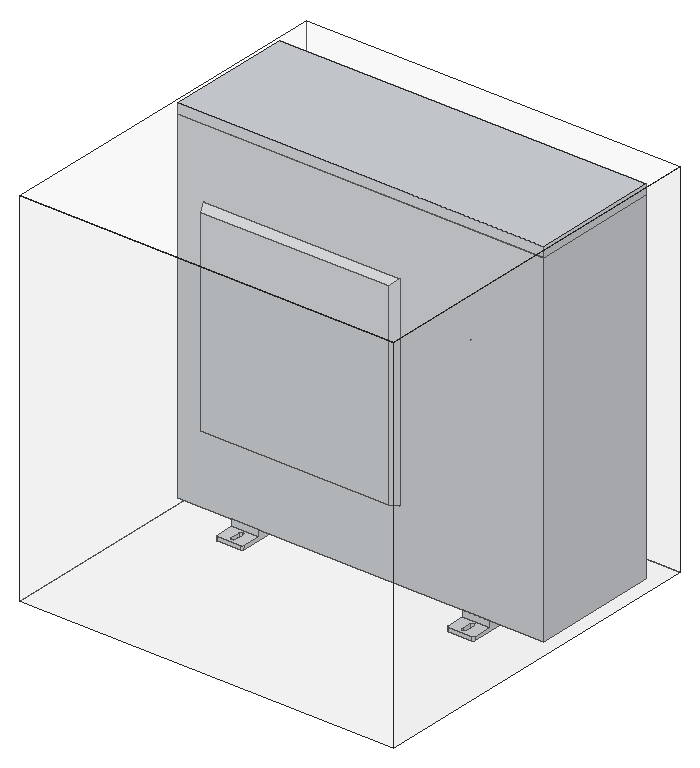
Revit family "puz-zrmp80hka15_280ka5_60hz", category 機械設備, Revit 2019 (continued)
Definition of nested family "PUZ-EZRMP-2"
  Automatic sketch dimensions
    curve 23 to plane 48 = 0 mm
    curve 22 to plane 48 = 0 mm
    curve 21 to plane 48 = 0 mm
    curve 37 to plane 50 = 0 mm
    curve 52 to plane 50 = 0 mm
    curve 51 to plane 50 = 0 mm
    curve 50 to plane 50 = 0 mm
    curve 49 to plane 50 = 0 mm
    curve 48 to plane 50 = 0 mm
    curve 47 to plane 50 = 0 mm
    curve 46 to plane 50 = 0 mm
    curve 45 to plane 50 = 0 mm
    curve 44 to plane 50 = 0 mm
    curve 43 to plane 50 = 0 mm
    curve 42 to plane 50 = 0 mm
    curve 41 to plane 50 = 0 mm
    curve 27 to plane 50 = 0 mm
    curve 28 to plane 50 = 0 mm
    curve 40 to plane 50 = 0 mm
    curve 39 to plane 50 = 0 mm
    curve 29 to plane 50 = 0 mm
    curve 38 to plane 50 = 0 mm
    curve 30 to plane 50 = 0 mm
    curve 53 to plane 50 = 0 mm
    curve 31 to plane 50 = 0 mm
    curve 36 to plane 50 = 0 mm
    curve 32 to plane 50 = 0 mm
    curve 35 to plane 50 = 0 mm
    curve 33 to plane 50 = 0 mm
    curve 34 to plane 50 = 0 mm
    curve 28 to plane 49 = 0 mm
    curve 41 to plane 49 = 0 mm
    curve 27 to plane 49 = 0 mm
    curve 42 to plane 49 = 0 mm
    curve 31 to plane 49 = 0 mm
    curve 40 to plane 49 = 0 mm
    curve 37 to plane 49 = 0 mm
    curve 39 to plane 49 = 0 mm
    curve 32 to plane 49 = 0 mm
    curve 45 to plane 49 = 0 mm
    curve 36 to plane 49 = 0 mm
    curve 46 to plane 49 = 0 mm
    curve 43 to plane 49 = 0 mm
    curve 47 to plane 49 = 0 mm
    curve 29 to plane 49 = 0 mm
    curve 48 to plane 49 = 0 mm
    curve 30 to plane 49 = 0 mm
    curve 49 to plane 49 = 0 mm
    curve 44 to plane 49 = 0 mm
    curve 50 to plane 49 = 0 mm
    curve 33 to plane 49 = 0 mm
    curve 51 to plane 49 = 0 mm
    curve 35 to plane 49 = 0 mm
    curve 52 to plane 49 = 0 mm
    curve 38 to plane 49 = 0 mm
    curve 53 to plane 49 = 0 mm
    curve 34 to plane 49 = 0 mm
    curve 301 to plane 6 = 0 mm
    plane 52 to curve 8 = 0 mm
    plane 7 to curve 303 = 0 mm
    curve 304 to plane 18 = 0 mm
    curve 299 to plane 18 = 0 mm
    plane 8 to curve 297 = 0 mm
    curve 305 to plane 19 = 0 mm
    curve 298 to plane 19 = 0 mm
    curve 296 to plane 43 = 0 mm
    curve 295 to plane 48 = 0 mm
    curve 308 to plane 20 = 0 mm
    curve 291 to plane 21 = 11.98 mm
    curve 309 to plane 21 = 0 mm
    curve 290 to plane 47 = 0 mm
    curve 290 to plane 44 = 0 mm
    curve 288 to plane 5 = 0 mm
    plane 22 to curve 304 = 0 mm
    plane 22 to curve 308 = 0 mm
    plane 23 to curve 293 = 0 mm
    plane 23 to curve 298 = 0 mm
    curve 20 to plane 54 = 9 mm
    plane 66 to curve 316 = 4.5 mm
    curve 11 to plane 30 = 5 mm
    curve 11 to plane 66 = 10.5 mm
    curve 8 to curve 5 = 0 mm
    curve 12 to curve 6 = 0 mm
    curve 303 to plane 59 = 17.452 mm
    plane 15 to curve 297 = 2.486 mm
    curve 287 to plane 21 = 16.899 mm
    plane 47 to curve 297 = 22.809 mm
    plane 47 to curve 2 = 2 mm
    plane 31 to curve 9 = 5 mm
    curve 9 to curve 4 = 0 mm
    curve 16 to plane 47 = 13 mm
    curve 294 to plane 20 = 0 mm
    curve 293 to plane 21 = 0 mm
    plane 40 to curve 294 = 0 mm
    plane 47 to curve 1 = 2 mm
    curve 16 to curve 325 = 15 mm
    Extrusion 9 sketch curve to plane 18 = 0 mm  (x2)
    plane 7 to Extrusion 9 sketch curve = 0 mm
    plane 23 to Extrusion 9 sketch curve = 0 mm
    plane 16 to Extrusion 9 sketch curve = 0 mm  (x3)
    plane 22 to Extrusion 9 sketch curve = 0 mm  (x3)
    Extrusion 9 sketch curve to plane 15 = 0 mm  (x2)
    Extrusion 9 sketch curve to plane 19 = 0 mm  (x2)
    Extrusion 9 sketch curve to plane 14 = 0 mm  (x2)
    plane 8 to Extrusion 9 sketch curve = 0 mm
    plane 82 to Extrusion 9 sketch curve = 3 mm  (x4)
    plane 15 to Extrusion 9 sketch curve = 6 mm  (x2)
    plane 14 to Extrusion 9 sketch curve = 6 mm  (x2)
    Extrusion 9 sketch curve to plane 17 = 10 mm  (x2)
    Extrusion 9 sketch curve to plane 82 = 6 mm  (x2)
    plane 8 to Masking region 1 sketch curve = 0 mm  (x2)
    plane 17 to Masking region 1 sketch curve = 0 mm
    plane 7 to Masking region 1 sketch curve = 0 mm  (x2)
Definition of nested family "固定点"
  Parameters (values of type "固定点")
    中心円 = if(W > 599 mm, 12 mm, 10 mm)  # 12 mm
    W = 1000 mm
    D = 1000 mm
  Reference planes
    plane 1 "中心(正面/背面)": y = 0
    plane 2: z = 0
    plane 3 "中心(左/右)": x = 0
    plane 4: x = 1000
    plane 5: y = 1000
  Lines and regions (mm)
    symbolic lines, detail levels fine
      curve 1: circle (0, 1000, 0) r 6 normal (0, 0, 1)
      curve 2: circle (0, 0, 0) r 6 normal (0, 0, 1)
      curve 3: circle (1000, 1000, 0) r 6 normal (0, 0, 1)
      curve 4: circle (1000, 0, 0) r 6 normal (0, 0, 1)
      curve 5: line (-200, 1000, 0) -> (1200, 1000, 0)
      curve 6: line (-200, 0, 0) -> (1200, 0, 0)
      curve 7: line (0, 1200, 0) -> (0, -200, 0)
      curve 8: line (1000, 1200, 0) -> (1000, -200, 0)
  Dimensions and locks
    "W": plane 3 "中心(左/右)" to plane 4
    "D": plane 1 "中心(正面/背面)" to plane 5
    "中心円": diameter of curve 1
    "中心円": diameter of curve 2
    "中心円": diameter of curve 3
    "中心円": diameter of curve 4
    aligned and locked: level to plane 2
    aligned and locked: plane 5 to curve 1
    aligned and locked: plane 3 "中心(左/右)" to curve 1
    aligned and locked: plane 3 "中心(左/右)" to curve 2
    aligned and locked: plane 1 "中心(正面/背面)" to curve 2
    aligned and locked: plane 4 to curve 3
    aligned and locked: plane 5 to curve 3
    aligned and locked: plane 1 "中心(正面/背面)" to curve 4
    aligned and locked: plane 4 to curve 4
    aligned and locked: plane 1 "中心(正面/背面)" to curve 6
    aligned and locked: curve 7 to plane 3 "中心(左/右)"
    aligned and locked: curve 8 to plane 4
  Automatic sketch dimensions
    curve 5 to plane 5 = 0 mm
    curve 6 to plane 3 "中心(左/右)" = 200 mm
    curve 5 to plane 3 "中心(左/右)" = 200 mm
    curve 4 to curve 6 = 200 mm
    curve 3 to curve 5 = 200 mm
    plane 1 "中心(正面/背面)" to curve 8 = 200 mm
    plane 1 "中心(正面/背面)" to curve 7 = 200 mm
    curve 3 to curve 8 = 200 mm
    curve 1 to curve 7 = 200 mm
Types (21, lengths in mm): name | 音響パワーレベル_冷房 (dB) | 音響パワーレベル_暖房 (dB) | 音響パワーレベル(dB) | 電源位置Z | 電源位置X | 電動機出力_送風機 | 電動機出力_圧縮機 | 質量 | 製品質量 | 相 | 消費電力_暖房 | 消費電力_冷房 | 消費電力 | 構成品番 | 極数 | 最小電線太さ_mm2 | 暖房能力 | 推奨ブレーカー容量 | 形名 | ドレン　位置Y | ドレン　位置X | 冷房能力 | 冷媒管（ガス）位置X | 冷媒管（液）位置X | 冷媒管（ガス）位置Y | 冷媒管径符号 | 冷媒管位置Z | 冷媒管位置Y | 冷媒管位置X | 冷媒液管径 | 冷媒ガス管径 | Width | Height | Clearance Right | Clearance Left | Clearance Front | Clearance Back
  室外機_PUZ-ZRMP80HA15 | 66 | 68 | 68 | 669 | 275 | 0.06 kW | 1.6 kW | 84.00 kg | 70.00 kg | 1 | 2.34 kW | 1.98 kW | 2.34 kW | "PUZ-ZRMP80SHA15-BSG" | 1 | 3.5 | 8 kW | 30 A | PUZ-EZRMP-2 : PUZ-EZRMP-2-2 | 111 | 30 | 7.1 kW | 434 | 377 | 229 | "Bd" | 447 | 259.5 | 405.5 | 9.52 | 15.88 | 950 | 943 | 10 | 10 | 500 | 100
  室外機_PUZ-ZRMP80SHA15 | 66 | 68 | 68 | 669 | 275 | 0.06 kW | 1.6 kW | 84.00 kg | 70.00 kg | 1 | 2.34 kW | 1.98 kW | 2.34 kW | "PUZ-ZRMP80SHA15" | 1 | 3.5 | 8 kW | 30 A | PUZ-EZRMP-2 : PUZ-EZRMP-2-2 | 111 | 30 | 7.1 kW | 434 | 377 | 229 | "Bd" | 447 | 259.5 | 405.5 | 9.52 | 15.88 | 950 | 943 | 10 | 10 | 500 | 100
  室外機_PUZ-ZRMP112KA15 | 68 | 70 | 70 | 1063 | 325 | 0.12 kW | 2.1 kW | 118.80 kg | 99.00 kg | 3 | 2.67 kW | 2.43 kW | 2.67 kW | "PUZ-ZRMP112KA15" | 3 | 5.5 | 11.2 kW | 30 A | PUZ-EZRMP-3 : PUZ-EZRMP3-1 | 176 | 45 | 10 kW | 483 | 423 | 274 | "Bd" | 450 | 282 | 453 | 9.52 | 15.88 | 1050 | 1338 | 15 | 15 | 500 | 150
  室外機_PUZ-ZRMP140KA15 | 68 | 71 | 71 | 1063 | 325 | 0.12 kW | 2.8 kW | 118.80 kg | 99.00 kg | 3 | 3.72 kW | 3.61 kW | 3.72 kW | "PUZ-ZRMP140KA15" | 3 | 5.5 | 14 kW | 30 A | PUZ-EZRMP-3 : PUZ-EZRMP3-1 | 176 | 45 | 12.5 kW | 483 | 423 | 274 | "Bd" | 450 | 282 | 453 | 9.52 | 15.88 | 1050 | 1338 | 15 | 15 | 500 | 150
  室外機_PUZ-ZRMP160KA15 | 70 | 73 | 73 | 1063 | 325 | 0.12 kW | 3.3 kW | 118.80 kg | 99.00 kg | 3 | 4.5 kW | 4.6 kW | 4.6 kW | "PUZ-ZRMP160KA15" | 3 | 5.5 | 16 kW | 30 A | PUZ-EZRMP-3 : PUZ-EZRMP3-1 | 176 | 45 | 14 kW | 483 | 423 | 274 | "Bd" | 450 | 282 | 453 | 9.52 | 15.88 | 1050 | 1338 | 15 | 15 | 500 | 150
  室外機_PUZ-ZRMP224KA5 | 79 | 81 | 81 | 1063 | 325 | 0.3 kW | 4.6 kW | 156.00 kg | 130.00 kg | 3 | 5.66 kW | 6.07 kW | 6.07 kW | "PUZ-ZRMP224KA5" | 3 | 8 | 22.4 kW | 40 A | PUZ-EZRMP-3 : PUZ-EZRMP3-2 | 176 | 45 | 20 kW | 479 | 423 | 276 | "Bg" | 450 | 283 | 451 | 9.52 | 25.40 | 1050 | 1338 | 15 | 15 | 1000 | 150
  室外機_PUZ-ZRMP280KA5 | 79 | 81 | 81 | 1063 | 325 | 0.4 kW | 5.7 kW | 160.80 kg | 134.00 kg | 3 | 8.14 kW | 9.2 kW | 9.2 kW | "PUZ-ZRMP280KA5" | 3 | 14 | 28 kW | 50 A | PUZ-EZRMP-3 : PUZ-EZRMP3-3 | 176 | 45 | 25 kW | 479 | 423 | 276 | "Cg" | 424 | 283 | 451 | 12.70 | 25.40 | 1050 | 1338 | 15 | 15 | 1000 | 150
  室外機_PUZ-ZRMP80SHA15-BS | 66 | 68 | 68 | 669 | 275 | 0.06 kW | 1.6 kW | 84.00 kg | 70.00 kg | 1 | 2.34 kW | 1.98 kW | 2.34 kW | "PUZ-ZRMP80SHA15-BS" | 1 | 3.5 | 8 kW | 30 A | PUZ-EZRMP-2 : PUZ-EZRMP-2-2 | 111 | 30 | 7.1 kW | 434 | 377 | 229 | "Bd" | 447 | 259.5 | 405.5 | 9.52 | 15.88 | 950 | 943 | 10 | 10 | 500 | 100
  室外機_PUZ-ZRMP80SHA15-BSG | 66 | 68 | 68 | 669 | 275 | 0.06 kW | 1.6 kW | 84.00 kg | 70.00 kg | 1 | 2.34 kW | 1.98 kW | 2.34 kW | "PUZ-ZRMP80SHA15-BSG" | 1 | 3.5 | 8 kW | 30 A | PUZ-EZRMP-2 : PUZ-EZRMP-2-2 | 111 | 30 | 7.1 kW | 434 | 377 | 229 | "Bd" | 447 | 259.5 | 405.5 | 9.52 | 15.88 | 950 | 943 | 10 | 10 | 500 | 100
  室外機_PUZ-ZRMP80HA15-BS | 66 | 68 | 68 | 669 | 275 | 0.06 kW | 1.6 kW | 79.20 kg | 66.00 kg | 3 | 2.22 kW | 1.93 kW | 2.22 kW | "PUZ-ZRMP80HA15-BS" | 3 | 3.5 | 8 kW | 20 A | PUZ-EZRMP-2 : PUZ-EZRMP-2-2 | 111 | 30 | 7.1 kW | 434 | 377 | 269 | "Bd" | 447 | 279.5 | 405.5 | 9.52 | 15.88 | 950 | 943 | 10 | 10 | 500 | 100
  室外機_PUZ-ZRMP80HA15-BSG | 66 | 68 | 68 | 669 | 275 | 0.06 kW | 1.6 kW | 79.20 kg | 66.00 kg | 3 | 2.22 kW | 1.93 kW | 2.22 kW | "PUZ-ZRMP80HA15-BSG" | 3 | 3.5 | 8 kW | 20 A | PUZ-EZRMP-2 : PUZ-EZRMP-2-2 | 111 | 30 | 7.1 kW | 434 | 377 | 269 | "Bd" | 447 | 279.5 | 405.5 | 9.52 | 15.88 | 950 | 943 | 10 | 10 | 500 | 100
  室外機_PUZ-ZRMP280KA5-BS | 79 | 81 | 81 | 1063 | 325 | 0.4 kW | 5.7 kW | 160.80 kg | 134.00 kg | 3 | 8.14 kW | 9.2 kW | 9.2 kW | "PUZ-ZRMP280KA5-BS" | 3 | 14 | 28 kW | 50 A | PUZ-EZRMP-3 : PUZ-EZRMP3-3 | 176 | 45 | 25 kW | 479 | 423 | 276 | "Cg" | 424 | 283 | 451 | 12.70 | 25.40 | 1050 | 1338 | 15 | 15 | 1000 | 150
  室外機_PUZ-ZRMP280KA5-BSG | 79 | 81 | 81 | 1063 | 325 | 0.4 kW | 5.7 kW | 160.80 kg | 134.00 kg | 3 | 8.14 kW | 9.2 kW | 9.2 kW | "PUZ-ZRMP280KA5-BSG" | 3 | 14 | 28 kW | 50 A | PUZ-EZRMP-3 : PUZ-EZRMP3-3 | 176 | 45 | 25 kW | 479 | 423 | 276 | "Cg" | 424 | 283 | 451 | 12.70 | 25.40 | 1050 | 1338 | 15 | 15 | 1000 | 150
  室外機_PUZ-ZRMP224KA5-BS | 79 | 81 | 81 | 1063 | 325 | 0.3 kW | 4.6 kW | 156.00 kg | 130.00 kg | 3 | 5.66 kW | 6.07 kW | 6.07 kW | "PUZ-ZRMP224KA5-BS" | 3 | 8 | 22.4 kW | 40 A | PUZ-EZRMP-3 : PUZ-EZRMP3-2 | 176 | 45 | 20 kW | 479 | 423 | 276 | "Bg" | 450 | 283 | 451 | 9.52 | 25.40 | 1050 | 1338 | 15 | 15 | 1000 | 150
  室外機_PUZ-ZRMP224KA5-BSG | 79 | 81 | 81 | 1063 | 325 | 0.3 kW | 4.6 kW | 156.00 kg | 130.00 kg | 3 | 5.66 kW | 6.07 kW | 6.07 kW | "PUZ-ZRMP224KA5-BSG" | 3 | 8 | 22.4 kW | 40 A | PUZ-EZRMP-3 : PUZ-EZRMP3-2 | 176 | 45 | 20 kW | 479 | 423 | 276 | "Bg" | 450 | 283 | 451 | 9.52 | 25.40 | 1050 | 1338 | 15 | 15 | 1000 | 150
  室外機_PUZ-ZRMP160KA15-BS | 70 | 73 | 73 | 1063 | 325 | 0.12 kW | 3.3 kW | 118.80 kg | 99.00 kg | 3 | 4.5 kW | 4.6 kW | 4.6 kW | "PUZ-ZRMP160KA15-BS" | 3 | 5.5 | 16 kW | 30 A | PUZ-EZRMP-3 : PUZ-EZRMP3-1 | 176 | 45 | 14 kW | 483 | 423 | 274 | "Bd" | 450 | 282 | 453 | 9.52 | 15.88 | 1050 | 1338 | 15 | 15 | 500 | 150
  室外機_PUZ-ZRMP160KA15-BSG | 70 | 73 | 73 | 1063 | 325 | 0.12 kW | 3.3 kW | 118.80 kg | 99.00 kg | 3 | 4.5 kW | 4.6 kW | 4.6 kW | "PUZ-ZRMP160KA15-BSG" | 3 | 5.5 | 16 kW | 30 A | PUZ-EZRMP-3 : PUZ-EZRMP3-1 | 176 | 45 | 14 kW | 483 | 423 | 274 | "Bd" | 450 | 282 | 453 | 9.52 | 15.88 | 1050 | 1338 | 15 | 15 | 500 | 150
  室外機_PUZ-ZRMP140KA15-BS | 68 | 71 | 71 | 1063 | 325 | 0.12 kW | 2.8 kW | 118.80 kg | 99.00 kg | 3 | 3.72 kW | 3.61 kW | 3.72 kW | "PUZ-ZRMP140KA15-BS" | 3 | 5.5 | 14 kW | 30 A | PUZ-EZRMP-3 : PUZ-EZRMP3-1 | 176 | 45 | 12.5 kW | 483 | 423 | 274 | "Bd" | 450 | 282 | 453 | 9.52 | 15.88 | 1050 | 1338 | 15 | 15 | 500 | 150
  室外機_PUZ-ZRMP140KA15-BSG | 68 | 71 | 71 | 1063 | 325 | 0.12 kW | 2.8 kW | 118.80 kg | 99.00 kg | 3 | 3.72 kW | 3.61 kW | 3.72 kW | "PUZ-ZRMP140KA15-BSG" | 3 | 5.5 | 14 kW | 30 A | PUZ-EZRMP-3 : PUZ-EZRMP3-1 | 176 | 45 | 12.5 kW | 483 | 423 | 274 | "Bd" | 450 | 282 | 453 | 9.52 | 15.88 | 1050 | 1338 | 15 | 15 | 500 | 150
  室外機_PUZ-ZRMP112KA15-BS | 68 | 70 | 70 | 1063 | 325 | 0.12 kW | 2.1 kW | 118.80 kg | 99.00 kg | 3 | 2.67 kW | 2.43 kW | 2.67 kW | "PUZ-ZRMP112KA15-BS" | 3 | 5.5 | 11.2 kW | 30 A | PUZ-EZRMP-3 : PUZ-EZRMP3-1 | 176 | 45 | 10 kW | 483 | 423 | 274 | "Bd" | 450 | 282 | 453 | 9.52 | 15.88 | 1050 | 1338 | 15 | 15 | 500 | 150
  室外機_PUZ-ZRMP112KA15-BSG | 68 | 70 | 70 | 1063 | 325 | 0.12 kW | 2.1 kW | 118.80 kg | 99.00 kg | 3 | 2.67 kW | 2.43 kW | 2.67 kW | "PUZ-ZRMP112KA15-BSG" | 3 | 5.5 | 11.2 kW | 30 A | PUZ-EZRMP-3 : PUZ-EZRMP3-1 | 176 | 45 | 10 kW | 483 | 423 | 274 | "Bd" | 450 | 282 | 453 | 9.52 | 15.88 | 1050 | 1338 | 15 | 15 | 500 | 150
